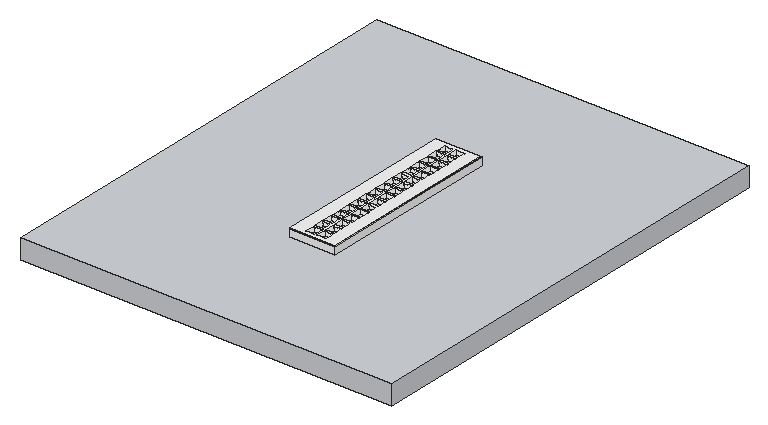
Revit family "Zumtobel MIREL-L A L1200", category Lighting Fixtures, host Face, Revit 2014
Parameters (values of type "MIREL-L A LED840 L1200 EVG TEC")
  Width = 300.00 mm  # constant formula
  Wattage = 25.1781 W
  built-in parameter 1150110 = 1 (stored number, unit not read)
  Voltage = 230 V
  URL = "http://www.zumtobel.com/42183096"
  Type Comments = "© Zumtobel. We reserve the right to make technical changes without prior notice."  # constant formula
  built-in parameter 1114217 = 1 (stored number, unit not read)
  Tilt Angle = 90.00°
  built-in parameter 1150109 = 1 (stored number, unit not read)
  built-in parameter 1150134 = 12
  built-in parameter 1150113 = 1 (stored number, unit not read)
  Photometric Web File = "42183096_(STD).IES"
  Model = "42183096"
  Manufacturer = "Zumtobel Lighting"  # constant formula
  built-in parameter 1150105 = 2592.6 (stored number, unit not read)
  Lumens = 3740 lm
  built-in parameter 1150115 = 1 (stored number, unit not read)
  built-in parameter 1150137 = (empty or 0)
  built-in parameter 1150139 = (empty or 0)
  Length = 1200.00 mm  # constant formula
  built-in parameter 1150112 = 1 (stored number, unit not read)
  built-in parameter 1150114 = 1 (stored number, unit not read)
  Lamp = "LED"
  built-in parameter 1150132 = 2
  built-in parameter 1150102 = (empty or 0)
  built-in parameter 1150107 = 4000 (stored number, unit not read)
  built-in parameter 1150138 = (empty or 0)
  built-in parameter 1150106 = 25.926 (stored number, unit not read)
  Height = 52.00 mm  # constant formula
  Emit from Rectangle Width = Length  # 1200.00 mm
  Emit from Rectangle Length = Width  # 300.00 mm
  Emit Shape Visible in Rendering = no
  built-in parameter 1150104 = 13.8 (stored number, unit not read)
  Dimming Lamp Color Temperature Shift = <None>
  Description = " Surface mount LED luminaire "  # constant formula
  Cover [instance] = Zumtobel_MIREL_Lamp_Self_llumination
  Color Filter = 16777215
  Body [instance] = Zumtobel_Metal_White
  built-in parameter 1114218 = 1 (stored number, unit not read)
  built-in parameter 1150133 = 10 (stored number, unit not read)
  Apparent Load = 28 VA
  Default Elevation = 0.00 mm
  Assembly Code = "D5020200"
Types (3, lengths in mm): name | Wattage | URL | built-in parameter 1150134 | Photometric Web File | Model | built-in parameter 1150105 | Lumens | built-in parameter 1150107 | built-in parameter 1150106 | Apparent Load
  MIREL-L A LED840 L1200 EVG | 25.8109 W | "http://www.zumtobel.com/42182128" | (empty or 0) | "42182128_(STD).IES" | "42182128" | 305.1 (stored number, unit not read) | 3834 lm | 3000 (stored number, unit not read) | 3.051 (stored number, unit not read) | 37.2 VA
  MIREL-L A LED840 L1200 LDO | 25.8782 W | "http://www.zumtobel.com/42925615" | (empty or 0) | "42925615_(STD).IES" | "42925615" | 2729.2 (stored number, unit not read) | 3844 lm | 3000 (stored number, unit not read) | 27.292 (stored number, unit not read) | 37.8 VA
  MIREL-L A LED840 L1200 EVG TEC | 25.1781 W | "http://www.zumtobel.com/42183096" | 12 | "42183096_(STD).IES" | "42183096" | 2592.6 (stored number, unit not read) | 3740 lm | 4000 (stored number, unit not read) | 25.926 (stored number, unit not read) | 28 VA
Reference planes
  plane 1 "Top": z = 0
  plane 2 "Center (Left/Right)": x = 0
  plane 3 "Center (Front/Back)": y = -11.001
  plane 4 "Back": y = 588.999
  plane 5 "Front": y = -611.001
  plane 6 "Left": x = -150
  plane 7 "Right": x = 150
  plane 8 "Back Cover": z = 0
  plane 9 "Top Body": z = 52
  plane 10: z = 49
  plane 11: z = 46
Forms (mm)
  Extrusion 1, solid
    sketch origin (0, 0, 0) x (1, 0, 0) y (0, 1, 0)
      loop
        line (-1219.2, 1439.2) -> (-1219.2, -1480.8) -> (1219.2, -1480.8) -> (1219.2, 1439.2) -> (-1219.2, 1439.2)
    from 0 to -127.877
  Extrusion 2, solid, material "Zumtobel_Metal_White" <- "Body", detail levels medium+fine
    sketch origin (0, 0, 0) x (1, 0, 0) y (0, 1, 0)
      loop
        line (-150, 588.999) -> (-150, -611.001) -> (150, -611.001) -> (150, 588.999) -> (-150, 588.999)
    from 0 to 46
  Extrusion 3, solid, material "Zumtobel_Metal_White" <- "Body", detail levels medium+fine
    sketch origin (0, 0, 0) x (1, 0, 0) y (0, 1, 0)
      loop
        line (-150, 588.999) -> (-150, -611.001) -> (150, -611.001) -> (150, 588.999) -> (-150, 588.999)
    from 49 to 52
  Blend 4, void
    base sketch origin (0, -862.4, 0) x (1, 0, 0) y (0, 1, 0)
      loop
        line (-65.95, 557.999) -> (-65.95, 497.999) -> (-5.95, 497.999) -> (-5.95, 557.999) -> (-65.95, 557.999)
    top sketch origin (0, -862.4, 0) x (1, 0, 0) y (0, 1, 0)
      loop
        line (-51.95, 543.999) -> (-51.95, 511.999) -> (-19.95, 511.999) -> (-19.95, 543.999) -> (-51.95, 543.999)
    from 52 to 34
  Blend 5, void
    base sketch origin (0, -934.267, 0) x (1, 0, 0) y (0, 1, 0)
      loop
        line (-65.95, 557.999) -> (-65.95, 497.999) -> (-5.95, 497.999) -> (-5.95, 557.999) -> (-65.95, 557.999)
    top sketch origin (0, -934.267, 0) x (1, 0, 0) y (0, 1, 0)
      loop
        line (-51.95, 543.999) -> (-51.95, 511.999) -> (-19.95, 511.999) -> (-19.95, 543.999) -> (-51.95, 543.999)
    from 52 to 34
  Blend 6, void
    base sketch origin (0, -1006.133, 0) x (1, 0, 0) y (0, 1, 0)
      loop
        line (-65.95, 557.999) -> (-65.95, 497.999) -> (-5.95, 497.999) -> (-5.95, 557.999) -> (-65.95, 557.999)
    top sketch origin (0, -1006.133, 0) x (1, 0, 0) y (0, 1, 0)
      loop
        line (-51.95, 543.999) -> (-51.95, 511.999) -> (-19.95, 511.999) -> (-19.95, 543.999) -> (-51.95, 543.999)
    from 52 to 34
  Blend 7, void
    base sketch origin (0, -1078, 0) x (1, 0, 0) y (0, 1, 0)
      loop
        line (-65.95, 557.999) -> (-65.95, 497.999) -> (-5.95, 497.999) -> (-5.95, 557.999) -> (-65.95, 557.999)
    top sketch origin (0, -1078, 0) x (1, 0, 0) y (0, 1, 0)
      loop
        line (-51.95, 543.999) -> (-51.95, 511.999) -> (-19.95, 511.999) -> (-19.95, 543.999) -> (-51.95, 543.999)
    from 52 to 34
  Extrusion 8, solid, material "Zumtobel_Metal_White" <- "Body", detail levels medium+fine
    sketch origin (0, 0, -15) x (1, 0, 0) y (0, 1, 0)
      loop
        line (-145, 583.999) -> (-145, -606.001) -> (145, -606.001) -> (145, 583.999) -> (-145, 583.999)
    from 61 to 64
  Blend 9, void
    base sketch origin (0, -862.4, 0) x (-1, 0, 0) y (0, -1, 0)
      loop
        line (-65.95, -557.999) -> (-5.95, -557.999) -> (-5.95, -497.999) -> (-65.95, -497.999) -> (-65.95, -557.999)
    top sketch origin (0, -862.4, 0) x (-1, 0, 0) y (0, -1, 0)
      loop
        line (-51.95, -543.999) -> (-19.95, -543.999) -> (-19.95, -511.999) -> (-51.95, -511.999) -> (-51.95, -543.999)
    from 52 to 34
  Blend 10, void
    base sketch origin (0, -934.267, 0) x (-1, 0, 0) y (0, -1, 0)
      loop
        line (-65.95, -557.999) -> (-5.95, -557.999) -> (-5.95, -497.999) -> (-65.95, -497.999) -> (-65.95, -557.999)
    top sketch origin (0, -934.267, 0) x (-1, 0, 0) y (0, -1, 0)
      loop
        line (-51.95, -543.999) -> (-19.95, -543.999) -> (-19.95, -511.999) -> (-51.95, -511.999) -> (-51.95, -543.999)
    from 52 to 34
  Blend 11, void
    base sketch origin (0, -1006.133, 0) x (-1, 0, 0) y (0, -1, 0)
      loop
        line (-65.95, -557.999) -> (-5.95, -557.999) -> (-5.95, -497.999) -> (-65.95, -497.999) -> (-65.95, -557.999)
    top sketch origin (0, -1006.133, 0) x (-1, 0, 0) y (0, -1, 0)
      loop
        line (-51.95, -543.999) -> (-19.95, -543.999) -> (-19.95, -511.999) -> (-51.95, -511.999) -> (-51.95, -543.999)
    from 52 to 34
  Blend 12, void
    base sketch origin (0, -1078, 0) x (-1, 0, 0) y (0, -1, 0)
      loop
        line (-65.95, -557.999) -> (-5.95, -557.999) -> (-5.95, -497.999) -> (-65.95, -497.999) -> (-65.95, -557.999)
    top sketch origin (0, -1078, 0) x (-1, 0, 0) y (0, -1, 0)
      loop
        line (-51.95, -543.999) -> (-19.95, -543.999) -> (-19.95, -511.999) -> (-51.95, -511.999) -> (-51.95, -543.999)
    from 52 to 34
  Blend 13, void
    base sketch origin (0, -646.8, 0) x (1, 0, 0) y (0, 1, 0)
      loop
        line (-65.95, 557.999) -> (-65.95, 497.999) -> (-5.95, 497.999) -> (-5.95, 557.999) -> (-65.95, 557.999)
    top sketch origin (0, -646.8, 0) x (1, 0, 0) y (0, 1, 0)
      loop
        line (-51.95, 543.999) -> (-51.95, 511.999) -> (-19.95, 511.999) -> (-19.95, 543.999) -> (-51.95, 543.999)
    from 52 to 34
  Blend 14, void
    base sketch origin (0, -718.667, 0) x (1, 0, 0) y (0, 1, 0)
      loop
        line (-65.95, 557.999) -> (-65.95, 497.999) -> (-5.95, 497.999) -> (-5.95, 557.999) -> (-65.95, 557.999)
    top sketch origin (0, -718.667, 0) x (1, 0, 0) y (0, 1, 0)
      loop
        line (-51.95, 543.999) -> (-51.95, 511.999) -> (-19.95, 511.999) -> (-19.95, 543.999) -> (-51.95, 543.999)
    from 52 to 34
  Blend 15, void
    base sketch origin (0, -790.533, 0) x (1, 0, 0) y (0, 1, 0)
      loop
        line (-65.95, 557.999) -> (-65.95, 497.999) -> (-5.95, 497.999) -> (-5.95, 557.999) -> (-65.95, 557.999)
    top sketch origin (0, -790.533, 0) x (1, 0, 0) y (0, 1, 0)
      loop
        line (-51.95, 543.999) -> (-51.95, 511.999) -> (-19.95, 511.999) -> (-19.95, 543.999) -> (-51.95, 543.999)
    from 52 to 34
  Blend 16, void
    base sketch origin (0, -646.8, 0) x (-1, 0, 0) y (0, -1, 0)
      loop
        line (-65.95, -557.999) -> (-5.95, -557.999) -> (-5.95, -497.999) -> (-65.95, -497.999) -> (-65.95, -557.999)
    top sketch origin (0, -646.8, 0) x (-1, 0, 0) y (0, -1, 0)
      loop
        line (-51.95, -543.999) -> (-19.95, -543.999) -> (-19.95, -511.999) -> (-51.95, -511.999) -> (-51.95, -543.999)
    from 52 to 34
  Blend 17, void
    base sketch origin (0, -718.667, 0) x (-1, 0, 0) y (0, -1, 0)
      loop
        line (-65.95, -557.999) -> (-5.95, -557.999) -> (-5.95, -497.999) -> (-65.95, -497.999) -> (-65.95, -557.999)
    top sketch origin (0, -718.667, 0) x (-1, 0, 0) y (0, -1, 0)
      loop
        line (-51.95, -543.999) -> (-19.95, -543.999) -> (-19.95, -511.999) -> (-51.95, -511.999) -> (-51.95, -543.999)
    from 52 to 34
  Blend 18, void
    base sketch origin (0, -790.533, 0) x (-1, 0, 0) y (0, -1, 0)
      loop
        line (-65.95, -557.999) -> (-5.95, -557.999) -> (-5.95, -497.999) -> (-65.95, -497.999) -> (-65.95, -557.999)
    top sketch origin (0, -790.533, 0) x (-1, 0, 0) y (0, -1, 0)
      loop
        line (-51.95, -543.999) -> (-19.95, -543.999) -> (-19.95, -511.999) -> (-51.95, -511.999) -> (-51.95, -543.999)
    from 52 to 34
  Blend 19, void
    base sketch origin (0, -431.2, 0) x (1, 0, 0) y (0, 1, 0)
      loop
        line (-65.95, 557.999) -> (-65.95, 497.999) -> (-5.95, 497.999) -> (-5.95, 557.999) -> (-65.95, 557.999)
    top sketch origin (0, -431.2, 0) x (1, 0, 0) y (0, 1, 0)
      loop
        line (-51.95, 543.999) -> (-51.95, 511.999) -> (-19.95, 511.999) -> (-19.95, 543.999) -> (-51.95, 543.999)
    from 52 to 34
  Blend 20, void
    base sketch origin (0, -503.067, 0) x (1, 0, 0) y (0, 1, 0)
      loop
        line (-65.95, 557.999) -> (-65.95, 497.999) -> (-5.95, 497.999) -> (-5.95, 557.999) -> (-65.95, 557.999)
    top sketch origin (0, -503.067, 0) x (1, 0, 0) y (0, 1, 0)
      loop
        line (-51.95, 543.999) -> (-51.95, 511.999) -> (-19.95, 511.999) -> (-19.95, 543.999) -> (-51.95, 543.999)
    from 52 to 34
  Blend 21, void
    base sketch origin (0, -574.933, 0) x (1, 0, 0) y (0, 1, 0)
      loop
        line (-65.95, 557.999) -> (-65.95, 497.999) -> (-5.95, 497.999) -> (-5.95, 557.999) -> (-65.95, 557.999)
    top sketch origin (0, -574.933, 0) x (1, 0, 0) y (0, 1, 0)
      loop
        line (-51.95, 543.999) -> (-51.95, 511.999) -> (-19.95, 511.999) -> (-19.95, 543.999) -> (-51.95, 543.999)
    from 52 to 34
  Blend 22, void
    base sketch origin (0, -431.2, 0) x (-1, 0, 0) y (0, -1, 0)
      loop
        line (-65.95, -557.999) -> (-5.95, -557.999) -> (-5.95, -497.999) -> (-65.95, -497.999) -> (-65.95, -557.999)
    top sketch origin (0, -431.2, 0) x (-1, 0, 0) y (0, -1, 0)
      loop
        line (-51.95, -543.999) -> (-19.95, -543.999) -> (-19.95, -511.999) -> (-51.95, -511.999) -> (-51.95, -543.999)
    from 52 to 34
  Blend 23, void
    base sketch origin (0, -503.067, 0) x (-1, 0, 0) y (0, -1, 0)
      loop
        line (-65.95, -557.999) -> (-5.95, -557.999) -> (-5.95, -497.999) -> (-65.95, -497.999) -> (-65.95, -557.999)
    top sketch origin (0, -503.067, 0) x (-1, 0, 0) y (0, -1, 0)
      loop
        line (-51.95, -543.999) -> (-19.95, -543.999) -> (-19.95, -511.999) -> (-51.95, -511.999) -> (-51.95, -543.999)
    from 52 to 34
  Blend 24, void
    base sketch origin (0, -574.933, 0) x (-1, 0, 0) y (0, -1, 0)
      loop
        line (-65.95, -557.999) -> (-5.95, -557.999) -> (-5.95, -497.999) -> (-65.95, -497.999) -> (-65.95, -557.999)
    top sketch origin (0, -574.933, 0) x (-1, 0, 0) y (0, -1, 0)
      loop
        line (-51.95, -543.999) -> (-19.95, -543.999) -> (-19.95, -511.999) -> (-51.95, -511.999) -> (-51.95, -543.999)
    from 52 to 34
  Blend 25, void
    base sketch origin (0, -215.6, 0) x (1, 0, 0) y (0, 1, 0)
      loop
        line (-65.95, 557.999) -> (-65.95, 497.999) -> (-5.95, 497.999) -> (-5.95, 557.999) -> (-65.95, 557.999)
    top sketch origin (0, -215.6, 0) x (1, 0, 0) y (0, 1, 0)
      loop
        line (-51.95, 543.999) -> (-51.95, 511.999) -> (-19.95, 511.999) -> (-19.95, 543.999) -> (-51.95, 543.999)
    from 52 to 34
  Blend 26, void
    base sketch origin (0, -287.467, 0) x (1, 0, 0) y (0, 1, 0)
      loop
        line (-65.95, 557.999) -> (-65.95, 497.999) -> (-5.95, 497.999) -> (-5.95, 557.999) -> (-65.95, 557.999)
    top sketch origin (0, -287.467, 0) x (1, 0, 0) y (0, 1, 0)
      loop
        line (-51.95, 543.999) -> (-51.95, 511.999) -> (-19.95, 511.999) -> (-19.95, 543.999) -> (-51.95, 543.999)
    from 52 to 34
  Blend 27, void
    base sketch origin (0, -359.333, 0) x (1, 0, 0) y (0, 1, 0)
      loop
        line (-65.95, 557.999) -> (-65.95, 497.999) -> (-5.95, 497.999) -> (-5.95, 557.999) -> (-65.95, 557.999)
    top sketch origin (0, -359.333, 0) x (1, 0, 0) y (0, 1, 0)
      loop
        line (-51.95, 543.999) -> (-51.95, 511.999) -> (-19.95, 511.999) -> (-19.95, 543.999) -> (-51.95, 543.999)
    from 52 to 34
  Blend 28, void
    base sketch origin (0, -215.6, 0) x (-1, 0, 0) y (0, -1, 0)
      loop
        line (-65.95, -557.999) -> (-5.95, -557.999) -> (-5.95, -497.999) -> (-65.95, -497.999) -> (-65.95, -557.999)
    top sketch origin (0, -215.6, 0) x (-1, 0, 0) y (0, -1, 0)
      loop
        line (-51.95, -543.999) -> (-19.95, -543.999) -> (-19.95, -511.999) -> (-51.95, -511.999) -> (-51.95, -543.999)
    from 52 to 34
  Blend 29, void
    base sketch origin (0, -287.467, 0) x (-1, 0, 0) y (0, -1, 0)
      loop
        line (-65.95, -557.999) -> (-5.95, -557.999) -> (-5.95, -497.999) -> (-65.95, -497.999) -> (-65.95, -557.999)
    top sketch origin (0, -287.467, 0) x (-1, 0, 0) y (0, -1, 0)
      loop
        line (-51.95, -543.999) -> (-19.95, -543.999) -> (-19.95, -511.999) -> (-51.95, -511.999) -> (-51.95, -543.999)
    from 52 to 34
  Blend 30, void
    base sketch origin (0, -359.333, 0) x (-1, 0, 0) y (0, -1, 0)
      loop
        line (-65.95, -557.999) -> (-5.95, -557.999) -> (-5.95, -497.999) -> (-65.95, -497.999) -> (-65.95, -557.999)
    top sketch origin (0, -359.333, 0) x (-1, 0, 0) y (0, -1, 0)
      loop
        line (-51.95, -543.999) -> (-19.95, -543.999) -> (-19.95, -511.999) -> (-51.95, -511.999) -> (-51.95, -543.999)
    from 52 to 34
  Blend 31, void
    base sketch origin (0, 0, 0) x (1, 0, 0) y (0, 1, 0)
      loop
        line (-65.95, 557.999) -> (-65.95, 497.999) -> (-5.95, 497.999) -> (-5.95, 557.999) -> (-65.95, 557.999)
    top sketch origin (0, 0, 0) x (1, 0, 0) y (0, 1, 0)
      loop
        line (-51.95, 543.999) -> (-51.95, 511.999) -> (-19.95, 511.999) -> (-19.95, 543.999) -> (-51.95, 543.999)
    from 52 to 34
  Blend 32, void
    base sketch origin (0, -71.867, 0) x (1, 0, 0) y (0, 1, 0)
      loop
        line (-65.95, 557.999) -> (-65.95, 497.999) -> (-5.95, 497.999) -> (-5.95, 557.999) -> (-65.95, 557.999)
    top sketch origin (0, -71.867, 0) x (1, 0, 0) y (0, 1, 0)
      loop
        line (-51.95, 543.999) -> (-51.95, 511.999) -> (-19.95, 511.999) -> (-19.95, 543.999) -> (-51.95, 543.999)
    from 52 to 34
  Blend 33, void
    base sketch origin (0, -143.733, 0) x (1, 0, 0) y (0, 1, 0)
      loop
        line (-65.95, 557.999) -> (-65.95, 497.999) -> (-5.95, 497.999) -> (-5.95, 557.999) -> (-65.95, 557.999)
    top sketch origin (0, -143.733, 0) x (1, 0, 0) y (0, 1, 0)
      loop
        line (-51.95, 543.999) -> (-51.95, 511.999) -> (-19.95, 511.999) -> (-19.95, 543.999) -> (-51.95, 543.999)
    from 52 to 34
  Blend 34, void
    base sketch origin (0, 0, 0) x (-1, 0, 0) y (0, -1, 0)
      loop
        line (-65.95, -557.999) -> (-5.95, -557.999) -> (-5.95, -497.999) -> (-65.95, -497.999) -> (-65.95, -557.999)
    top sketch origin (0, 0, 0) x (-1, 0, 0) y (0, -1, 0)
      loop
        line (-51.95, -543.999) -> (-19.95, -543.999) -> (-19.95, -511.999) -> (-51.95, -511.999) -> (-51.95, -543.999)
    from 52 to 34
  Blend 35, void
    base sketch origin (0, -71.867, 0) x (-1, 0, 0) y (0, -1, 0)
      loop
        line (-65.95, -557.999) -> (-5.95, -557.999) -> (-5.95, -497.999) -> (-65.95, -497.999) -> (-65.95, -557.999)
    top sketch origin (0, -71.867, 0) x (-1, 0, 0) y (0, -1, 0)
      loop
        line (-51.95, -543.999) -> (-19.95, -543.999) -> (-19.95, -511.999) -> (-51.95, -511.999) -> (-51.95, -543.999)
    from 52 to 34
  Blend 36, void
    base sketch origin (0, -143.733, 0) x (-1, 0, 0) y (0, -1, 0)
      loop
        line (-65.95, -557.999) -> (-5.95, -557.999) -> (-5.95, -497.999) -> (-65.95, -497.999) -> (-65.95, -557.999)
    top sketch origin (0, -143.733, 0) x (-1, 0, 0) y (0, -1, 0)
      loop
        line (-51.95, -543.999) -> (-19.95, -543.999) -> (-19.95, -511.999) -> (-51.95, -511.999) -> (-51.95, -543.999)
    from 52 to 34
Cuts and joins
  Blend 4, Blend 5, Blend 6, Blend 7, Blend 9, Blend 10, Blend 11, Blend 12, Blend 13, Blend 14, Blend 15, Blend 16, Blend 17, Blend 18, Blend 19, Blend 20, Blend 21, Blend 22, Blend 23, Blend 24, Blend 25, Blend 26, Blend 27, Blend 28, Blend 29, Blend 30, Blend 31, Blend 32, Blend 33, Blend 34, Blend 35, Blend 36 cuts Extrusion 2
  Blend 4, Blend 5, Blend 6, Blend 7, Blend 9, Blend 10, Blend 11, Blend 12, Blend 13, Blend 14, Blend 15, Blend 16, Blend 17, Blend 18, Blend 19, Blend 20, Blend 21, Blend 22, Blend 23, Blend 24, Blend 25, Blend 26, Blend 27, Blend 28, Blend 29, Blend 30, Blend 31, Blend 32, Blend 33, Blend 34, Blend 35, Blend 36 cuts Extrusion 3
  Blend 4, Blend 5, Blend 6, Blend 7, Blend 9, Blend 10, Blend 11, Blend 12, Blend 13, Blend 14, Blend 15, Blend 16, Blend 17, Blend 18, Blend 19, Blend 20, Blend 21, Blend 22, Blend 23, Blend 24, Blend 25, Blend 26, Blend 27, Blend 28, Blend 29, Blend 30, Blend 31, Blend 32, Blend 33, Blend 34, Blend 35, Blend 36 cuts Extrusion 8
  joined: Extrusion 2, Extrusion 3, Extrusion 8
Lines and regions (mm)
  symbolic lines, style "Zumtobel Lighting", detail levels coarse
    curve 1: line (-150, 588.999, 0) -> (150, 588.999, 0)
    curve 2: line (-150, -611.001, 0) -> (-150, 588.999, 0)
    curve 3: line (150, -611.001, 0) -> (-150, -611.001, 0)
    curve 4: line (150, 588.999, 0) -> (150, -611.001, 0)
Dimensions and locks
  equal spacing: plane 4 "Back", plane 3 "Center (Front/Back)", plane 5 "Front"
  "Length": plane 4 "Back" to plane 5 "Front"
  equal spacing: plane 6 "Left", plane 2 "Center (Left/Right)", plane 7 "Right"
  "Width": plane 6 "Left" to plane 7 "Right"
  plane 9 "Top Body" to plane 10 to plane 11 to plane 1 "Top" = 3.00 mm locked, 3.00 mm locked, 46.00 mm locked
  aligned and locked: plane 1 "Top" to Extrusion 1
  aligned and locked: level to Extrusion 1
  aligned: imposter light to plane 2 "Center (Left/Right)"
  aligned: imposter light to plane 3 "Center (Front/Back)"
  aligned and locked: imposter light to plane 9 "Top Body"
  aligned and locked: imposter light to plane 2 "Center (Left/Right)"
  aligned: plane 1 "Top" to Extrusion 2
  aligned and locked: curve 1 to cut or joined group 1 (Extrusion 2, Extrusion 3, Blend 4, Blend 5, Blend 6, Blend 7, Extrusion 8, Blend 9, Blend 10, Blend 11, Blend 12, Blend 13, Blend 14, Blend 15, Blend 16, Blend 17, Blend 18, Blend 19, Blend 20, Blend 21, Blend 22, Blend 23, Blend 24, Blend 25, Blend 26, Blend 27, Blend 28, Blend 29, Blend 30, Blend 31, Blend 32, Blend 33, Blend 34, Blend 35, Blend 36)
  aligned and locked: curve 2 to cut or joined group 1
  aligned and locked: curve 3 to cut or joined group 1
  aligned and locked: curve 4 to cut or joined group 1
  aligned and locked: Extrusion 3 to imposter light
  aligned and locked: Extrusion 3 to plane 10
  aligned and locked: Extrusion 8 to cut or joined group 1
  aligned and locked: Extrusion 8 to plane 11
  aligned and locked: plane 11 to Extrusion 2
  aligned and locked: Extrusion 2 to plane 1 "Top"
  aligned and locked: Extrusion 2 sketch curve to plane 4 "Back"
  aligned and locked: Extrusion 2 sketch curve to plane 7 "Right"
  aligned and locked: Extrusion 2 sketch curve to plane 6 "Left"
  aligned and locked: Extrusion 2 sketch curve to plane 5 "Front"
Automatic sketch dimensions
  Extrusion 1 sketch curve to Extrusion 1 sketch curve = 2438.40 mm
  Extrusion 1 sketch curve to Extrusion 1 sketch curve = 2920.00 mm
  plane 5 "Front" to Extrusion 3 sketch curve = 0.00 mm
  Extrusion 3 sketch curve to plane 6 "Left" = 0.00 mm
  Extrusion 3 sketch curve to plane 7 "Right" = 0.00 mm
  Extrusion 3 sketch curve to plane 4 "Back" = 0.00 mm
  Blend 4 sketch curve to plane 2 "Center (Left/Right)" = 65.95 mm
  Blend 4 sketch curve to plane 2 "Center (Left/Right)" = 5.95 mm
  Blend 4 sketch curve to Blend 4 sketch curve = 60.00 mm
  Blend 4 sketch curve to plane 2 "Center (Left/Right)" = 51.95 mm
  Blend 4 sketch curve to plane 2 "Center (Left/Right)" = 19.95 mm
  Blend 4 sketch curve to Blend 4 sketch curve = 32.00 mm
  Blend 5 sketch curve to plane 2 "Center (Left/Right)" = 65.95 mm
  Blend 5 sketch curve to plane 2 "Center (Left/Right)" = 5.95 mm
  Blend 5 sketch curve to Blend 5 sketch curve = 60.00 mm
  Blend 5 sketch curve to plane 2 "Center (Left/Right)" = 51.95 mm
  Blend 5 sketch curve to plane 2 "Center (Left/Right)" = 19.95 mm
  Blend 5 sketch curve to Blend 5 sketch curve = 32.00 mm
  Blend 6 sketch curve to plane 2 "Center (Left/Right)" = 65.95 mm
  Blend 6 sketch curve to plane 2 "Center (Left/Right)" = 5.95 mm
  Blend 6 sketch curve to Blend 6 sketch curve = 60.00 mm
  Blend 6 sketch curve to plane 2 "Center (Left/Right)" = 51.95 mm
  Blend 6 sketch curve to plane 2 "Center (Left/Right)" = 19.95 mm
  Blend 6 sketch curve to Blend 6 sketch curve = 32.00 mm
  Blend 7 sketch curve to plane 2 "Center (Left/Right)" = 65.95 mm
  Blend 7 sketch curve to plane 2 "Center (Left/Right)" = 5.95 mm
  Blend 7 sketch curve to Blend 7 sketch curve = 60.00 mm
  Blend 7 sketch curve to plane 2 "Center (Left/Right)" = 51.95 mm
  Blend 7 sketch curve to plane 2 "Center (Left/Right)" = 19.95 mm
  Blend 7 sketch curve to Blend 7 sketch curve = 32.00 mm
  Extrusion 8 sketch curve to plane 6 "Left" = 5.00 mm
  Extrusion 8 sketch curve to plane 7 "Right" = 5.00 mm
  Extrusion 8 sketch curve to plane 5 "Front" = 5.00 mm
  Extrusion 8 sketch curve to plane 4 "Back" = 5.00 mm
  Blend 9 sketch curve to plane 2 "Center (Left/Right)" = 65.95 mm
  Blend 9 sketch curve to plane 2 "Center (Left/Right)" = 5.95 mm
  Blend 9 sketch curve to Blend 9 sketch curve = 60.00 mm
  Blend 9 sketch curve to plane 2 "Center (Left/Right)" = 51.95 mm
  Blend 9 sketch curve to plane 2 "Center (Left/Right)" = 19.95 mm
  Blend 9 sketch curve to Blend 9 sketch curve = 32.00 mm
  Blend 10 sketch curve to plane 2 "Center (Left/Right)" = 65.95 mm
  Blend 10 sketch curve to plane 2 "Center (Left/Right)" = 5.95 mm
  Blend 10 sketch curve to Blend 10 sketch curve = 60.00 mm
  Blend 10 sketch curve to plane 2 "Center (Left/Right)" = 51.95 mm
  Blend 10 sketch curve to plane 2 "Center (Left/Right)" = 19.95 mm
  Blend 10 sketch curve to Blend 10 sketch curve = 32.00 mm
  Blend 11 sketch curve to plane 2 "Center (Left/Right)" = 65.95 mm
  Blend 11 sketch curve to plane 2 "Center (Left/Right)" = 5.95 mm
  Blend 11 sketch curve to Blend 11 sketch curve = 60.00 mm
  Blend 11 sketch curve to plane 2 "Center (Left/Right)" = 51.95 mm
  Blend 11 sketch curve to plane 2 "Center (Left/Right)" = 19.95 mm
  Blend 11 sketch curve to Blend 11 sketch curve = 32.00 mm
  Blend 12 sketch curve to plane 2 "Center (Left/Right)" = 65.95 mm
  Blend 12 sketch curve to plane 2 "Center (Left/Right)" = 5.95 mm
  Blend 12 sketch curve to Blend 12 sketch curve = 60.00 mm
  Blend 12 sketch curve to plane 2 "Center (Left/Right)" = 51.95 mm
  Blend 12 sketch curve to plane 2 "Center (Left/Right)" = 19.95 mm
  Blend 12 sketch curve to Blend 12 sketch curve = 32.00 mm
  Blend 13 sketch curve to plane 2 "Center (Left/Right)" = 65.95 mm
  Blend 13 sketch curve to plane 2 "Center (Left/Right)" = 5.95 mm
  Blend 13 sketch curve to plane 3 "Center (Front/Back)" = 137.80 mm
  Blend 13 sketch curve to Blend 13 sketch curve = 60.00 mm
  Blend 13 sketch curve to plane 2 "Center (Left/Right)" = 51.95 mm
  Blend 13 sketch curve to plane 2 "Center (Left/Right)" = 19.95 mm
  Blend 13 sketch curve to plane 3 "Center (Front/Back)" = 123.80 mm
  Blend 13 sketch curve to Blend 13 sketch curve = 32.00 mm
  Blend 14 sketch curve to plane 2 "Center (Left/Right)" = 65.95 mm
  Blend 14 sketch curve to plane 2 "Center (Left/Right)" = 5.95 mm
  Blend 14 sketch curve to plane 3 "Center (Front/Back)" = 209.667 mm
  Blend 14 sketch curve to Blend 14 sketch curve = 60.00 mm
  Blend 14 sketch curve to plane 2 "Center (Left/Right)" = 51.95 mm
  Blend 14 sketch curve to plane 2 "Center (Left/Right)" = 19.95 mm
  Blend 14 sketch curve to plane 3 "Center (Front/Back)" = 195.667 mm
  Blend 14 sketch curve to Blend 14 sketch curve = 32.00 mm
  Blend 15 sketch curve to plane 2 "Center (Left/Right)" = 65.95 mm
  Blend 15 sketch curve to plane 2 "Center (Left/Right)" = 5.95 mm
  Blend 15 sketch curve to plane 3 "Center (Front/Back)" = 281.533 mm
  Blend 15 sketch curve to Blend 15 sketch curve = 60.00 mm
  Blend 15 sketch curve to plane 2 "Center (Left/Right)" = 51.95 mm
  Blend 15 sketch curve to plane 2 "Center (Left/Right)" = 19.95 mm
  Blend 15 sketch curve to plane 3 "Center (Front/Back)" = 267.533 mm
  Blend 15 sketch curve to Blend 15 sketch curve = 32.00 mm
  Blend 16 sketch curve to plane 2 "Center (Left/Right)" = 65.95 mm
  Blend 16 sketch curve to plane 2 "Center (Left/Right)" = 5.95 mm
  plane 3 "Center (Front/Back)" to Blend 16 sketch curve = 137.80 mm
  Blend 16 sketch curve to Blend 16 sketch curve = 60.00 mm
  Blend 16 sketch curve to plane 2 "Center (Left/Right)" = 51.95 mm
  Blend 16 sketch curve to plane 2 "Center (Left/Right)" = 19.95 mm
  plane 3 "Center (Front/Back)" to Blend 16 sketch curve = 123.80 mm
  Blend 16 sketch curve to Blend 16 sketch curve = 32.00 mm
  Blend 17 sketch curve to plane 2 "Center (Left/Right)" = 65.95 mm
  Blend 17 sketch curve to plane 2 "Center (Left/Right)" = 5.95 mm
  plane 3 "Center (Front/Back)" to Blend 17 sketch curve = 209.667 mm
  Blend 17 sketch curve to Blend 17 sketch curve = 60.00 mm
  Blend 17 sketch curve to plane 2 "Center (Left/Right)" = 51.95 mm
  Blend 17 sketch curve to plane 2 "Center (Left/Right)" = 19.95 mm
  plane 3 "Center (Front/Back)" to Blend 17 sketch curve = 195.667 mm
  Blend 17 sketch curve to Blend 17 sketch curve = 32.00 mm
  Blend 18 sketch curve to plane 2 "Center (Left/Right)" = 65.95 mm
  Blend 18 sketch curve to plane 2 "Center (Left/Right)" = 5.95 mm
  plane 3 "Center (Front/Back)" to Blend 18 sketch curve = 281.533 mm
  Blend 18 sketch curve to Blend 18 sketch curve = 60.00 mm
  Blend 18 sketch curve to plane 2 "Center (Left/Right)" = 51.95 mm
  Blend 18 sketch curve to plane 2 "Center (Left/Right)" = 19.95 mm
  plane 3 "Center (Front/Back)" to Blend 18 sketch curve = 267.533 mm
  Blend 18 sketch curve to Blend 18 sketch curve = 32.00 mm
  Blend 19 sketch curve to plane 2 "Center (Left/Right)" = 65.95 mm
  Blend 19 sketch curve to plane 2 "Center (Left/Right)" = 5.95 mm
  plane 3 "Center (Front/Back)" to Blend 19 sketch curve = 77.80 mm
  Blend 19 sketch curve to Blend 19 sketch curve = 60.00 mm
  Blend 19 sketch curve to plane 2 "Center (Left/Right)" = 51.95 mm
  Blend 19 sketch curve to plane 2 "Center (Left/Right)" = 19.95 mm
  plane 3 "Center (Front/Back)" to Blend 19 sketch curve = 91.80 mm
  Blend 19 sketch curve to Blend 19 sketch curve = 32.00 mm
  plane 3 "Center (Front/Back)" to Blend 20 sketch curve = 5.933 mm
  Blend 20 sketch curve to plane 2 "Center (Left/Right)" = 65.95 mm
  Blend 20 sketch curve to plane 2 "Center (Left/Right)" = 5.95 mm
  Blend 20 sketch curve to Blend 20 sketch curve = 60.00 mm
  plane 3 "Center (Front/Back)" to Blend 20 sketch curve = 19.933 mm
  Blend 20 sketch curve to plane 2 "Center (Left/Right)" = 51.95 mm
  Blend 20 sketch curve to plane 2 "Center (Left/Right)" = 19.95 mm
  Blend 20 sketch curve to Blend 20 sketch curve = 32.00 mm
  Blend 21 sketch curve to plane 2 "Center (Left/Right)" = 65.95 mm
  Blend 21 sketch curve to plane 2 "Center (Left/Right)" = 5.95 mm
  Blend 21 sketch curve to plane 3 "Center (Front/Back)" = 65.933 mm
  Blend 21 sketch curve to plane 3 "Center (Front/Back)" = 5.933 mm
  Blend 21 sketch curve to plane 2 "Center (Left/Right)" = 51.95 mm
  Blend 21 sketch curve to plane 2 "Center (Left/Right)" = 19.95 mm
  Blend 21 sketch curve to plane 3 "Center (Front/Back)" = 51.933 mm
  Blend 21 sketch curve to plane 3 "Center (Front/Back)" = 19.933 mm
  Blend 22 sketch curve to plane 2 "Center (Left/Right)" = 65.95 mm
  Blend 22 sketch curve to plane 2 "Center (Left/Right)" = 5.95 mm
  Blend 22 sketch curve to plane 3 "Center (Front/Back)" = 77.80 mm
  Blend 22 sketch curve to Blend 22 sketch curve = 60.00 mm
  Blend 22 sketch curve to plane 2 "Center (Left/Right)" = 51.95 mm
  Blend 22 sketch curve to plane 2 "Center (Left/Right)" = 19.95 mm
  Blend 22 sketch curve to plane 3 "Center (Front/Back)" = 91.80 mm
  Blend 22 sketch curve to Blend 22 sketch curve = 32.00 mm
  Blend 23 sketch curve to plane 3 "Center (Front/Back)" = 5.933 mm
  Blend 23 sketch curve to plane 2 "Center (Left/Right)" = 65.95 mm
  Blend 23 sketch curve to plane 2 "Center (Left/Right)" = 5.95 mm
  Blend 23 sketch curve to Blend 23 sketch curve = 60.00 mm
  Blend 23 sketch curve to plane 3 "Center (Front/Back)" = 19.933 mm
  Blend 23 sketch curve to plane 2 "Center (Left/Right)" = 51.95 mm
  Blend 23 sketch curve to plane 2 "Center (Left/Right)" = 19.95 mm
  Blend 23 sketch curve to Blend 23 sketch curve = 32.00 mm
  Blend 24 sketch curve to plane 2 "Center (Left/Right)" = 65.95 mm
  Blend 24 sketch curve to plane 2 "Center (Left/Right)" = 5.95 mm
  plane 3 "Center (Front/Back)" to Blend 24 sketch curve = 65.933 mm
  plane 3 "Center (Front/Back)" to Blend 24 sketch curve = 5.933 mm
  Blend 24 sketch curve to plane 2 "Center (Left/Right)" = 51.95 mm
  Blend 24 sketch curve to plane 2 "Center (Left/Right)" = 19.95 mm
  plane 3 "Center (Front/Back)" to Blend 24 sketch curve = 51.933 mm
  plane 3 "Center (Front/Back)" to Blend 24 sketch curve = 19.933 mm
  Blend 25 sketch curve to plane 2 "Center (Left/Right)" = 65.95 mm
  Blend 25 sketch curve to plane 2 "Center (Left/Right)" = 5.95 mm
  plane 3 "Center (Front/Back)" to Blend 25 sketch curve = 293.40 mm
  Blend 25 sketch curve to Blend 25 sketch curve = 60.00 mm
  Blend 25 sketch curve to plane 2 "Center (Left/Right)" = 51.95 mm
  Blend 25 sketch curve to plane 2 "Center (Left/Right)" = 19.95 mm
  Blend 25 sketch curve to plane 4 "Back" = 292.60 mm
  Blend 25 sketch curve to Blend 25 sketch curve = 32.00 mm
  Blend 26 sketch curve to plane 2 "Center (Left/Right)" = 65.95 mm
  Blend 26 sketch curve to plane 2 "Center (Left/Right)" = 5.95 mm
  plane 3 "Center (Front/Back)" to Blend 26 sketch curve = 221.533 mm
  Blend 26 sketch curve to Blend 26 sketch curve = 60.00 mm
  Blend 26 sketch curve to plane 2 "Center (Left/Right)" = 51.95 mm
  Blend 26 sketch curve to plane 2 "Center (Left/Right)" = 19.95 mm
  plane 3 "Center (Front/Back)" to Blend 26 sketch curve = 235.533 mm
  Blend 26 sketch curve to Blend 26 sketch curve = 32.00 mm
  Blend 27 sketch curve to plane 2 "Center (Left/Right)" = 65.95 mm
  Blend 27 sketch curve to plane 2 "Center (Left/Right)" = 5.95 mm
  plane 3 "Center (Front/Back)" to Blend 27 sketch curve = 149.667 mm
  Blend 27 sketch curve to Blend 27 sketch curve = 60.00 mm
  Blend 27 sketch curve to plane 2 "Center (Left/Right)" = 51.95 mm
  Blend 27 sketch curve to plane 2 "Center (Left/Right)" = 19.95 mm
  plane 3 "Center (Front/Back)" to Blend 27 sketch curve = 163.667 mm
  Blend 27 sketch curve to Blend 27 sketch curve = 32.00 mm
  Blend 28 sketch curve to plane 2 "Center (Left/Right)" = 65.95 mm
  Blend 28 sketch curve to plane 2 "Center (Left/Right)" = 5.95 mm
  Blend 28 sketch curve to plane 3 "Center (Front/Back)" = 293.40 mm
  Blend 28 sketch curve to Blend 28 sketch curve = 60.00 mm
  Blend 28 sketch curve to plane 2 "Center (Left/Right)" = 51.95 mm
  Blend 28 sketch curve to plane 2 "Center (Left/Right)" = 19.95 mm
  plane 4 "Back" to Blend 28 sketch curve = 292.60 mm
  Blend 28 sketch curve to Blend 28 sketch curve = 32.00 mm
  Blend 29 sketch curve to plane 2 "Center (Left/Right)" = 65.95 mm
  Blend 29 sketch curve to plane 2 "Center (Left/Right)" = 5.95 mm
  Blend 29 sketch curve to plane 3 "Center (Front/Back)" = 221.533 mm
  Blend 29 sketch curve to Blend 29 sketch curve = 60.00 mm
  Blend 29 sketch curve to plane 2 "Center (Left/Right)" = 51.95 mm
  Blend 29 sketch curve to plane 2 "Center (Left/Right)" = 19.95 mm
  Blend 29 sketch curve to plane 3 "Center (Front/Back)" = 235.533 mm
  Blend 29 sketch curve to Blend 29 sketch curve = 32.00 mm
  Blend 30 sketch curve to plane 2 "Center (Left/Right)" = 65.95 mm
  Blend 30 sketch curve to plane 2 "Center (Left/Right)" = 5.95 mm
  Blend 30 sketch curve to plane 3 "Center (Front/Back)" = 149.667 mm
  Blend 30 sketch curve to Blend 30 sketch curve = 60.00 mm
  Blend 30 sketch curve to plane 2 "Center (Left/Right)" = 51.95 mm
  Blend 30 sketch curve to plane 2 "Center (Left/Right)" = 19.95 mm
  Blend 30 sketch curve to plane 3 "Center (Front/Back)" = 163.667 mm
  Blend 30 sketch curve to Blend 30 sketch curve = 32.00 mm
  Blend 31 sketch curve to plane 2 "Center (Left/Right)" = 65.95 mm
  Blend 31 sketch curve to plane 2 "Center (Left/Right)" = 5.95 mm
  Blend 31 sketch curve to plane 4 "Back" = 91.00 mm
  Blend 31 sketch curve to plane 4 "Back" = 31.00 mm
  Blend 31 sketch curve to plane 2 "Center (Left/Right)" = 51.95 mm
  Blend 31 sketch curve to plane 2 "Center (Left/Right)" = 19.95 mm
  Blend 31 sketch curve to plane 4 "Back" = 77.00 mm
  Blend 31 sketch curve to Blend 31 sketch curve = 32.00 mm
  Blend 32 sketch curve to plane 2 "Center (Left/Right)" = 65.95 mm
  Blend 32 sketch curve to plane 2 "Center (Left/Right)" = 5.95 mm
  Blend 32 sketch curve to plane 4 "Back" = 162.867 mm
  Blend 32 sketch curve to Blend 32 sketch curve = 60.00 mm
  Blend 32 sketch curve to plane 2 "Center (Left/Right)" = 51.95 mm
  Blend 32 sketch curve to plane 2 "Center (Left/Right)" = 19.95 mm
  Blend 32 sketch curve to plane 4 "Back" = 148.867 mm
  Blend 32 sketch curve to Blend 32 sketch curve = 32.00 mm
  Blend 33 sketch curve to plane 2 "Center (Left/Right)" = 65.95 mm
  Blend 33 sketch curve to plane 2 "Center (Left/Right)" = 5.95 mm
  Blend 33 sketch curve to plane 4 "Back" = 234.733 mm
  Blend 33 sketch curve to Blend 33 sketch curve = 60.00 mm
  Blend 33 sketch curve to plane 2 "Center (Left/Right)" = 51.95 mm
  Blend 33 sketch curve to plane 2 "Center (Left/Right)" = 19.95 mm
  Blend 33 sketch curve to plane 4 "Back" = 220.733 mm
  Blend 33 sketch curve to Blend 33 sketch curve = 32.00 mm
  Blend 34 sketch curve to plane 2 "Center (Left/Right)" = 65.95 mm
  Blend 34 sketch curve to plane 2 "Center (Left/Right)" = 5.95 mm
  plane 4 "Back" to Blend 34 sketch curve = 91.00 mm
  plane 4 "Back" to Blend 34 sketch curve = 31.00 mm
  Blend 34 sketch curve to plane 2 "Center (Left/Right)" = 51.95 mm
  Blend 34 sketch curve to plane 2 "Center (Left/Right)" = 19.95 mm
  plane 4 "Back" to Blend 34 sketch curve = 77.00 mm
  Blend 34 sketch curve to Blend 34 sketch curve = 32.00 mm
  Blend 35 sketch curve to plane 2 "Center (Left/Right)" = 65.95 mm
  Blend 35 sketch curve to plane 2 "Center (Left/Right)" = 5.95 mm
  plane 4 "Back" to Blend 35 sketch curve = 162.867 mm
  Blend 35 sketch curve to Blend 35 sketch curve = 60.00 mm
  Blend 35 sketch curve to plane 2 "Center (Left/Right)" = 51.95 mm
  Blend 35 sketch curve to plane 2 "Center (Left/Right)" = 19.95 mm
  plane 4 "Back" to Blend 35 sketch curve = 148.867 mm
  Blend 35 sketch curve to Blend 35 sketch curve = 32.00 mm
  Blend 36 sketch curve to plane 2 "Center (Left/Right)" = 65.95 mm
  Blend 36 sketch curve to plane 2 "Center (Left/Right)" = 5.95 mm
  plane 4 "Back" to Blend 36 sketch curve = 234.733 mm
  Blend 36 sketch curve to Blend 36 sketch curve = 60.00 mm
  Blend 36 sketch curve to plane 2 "Center (Left/Right)" = 51.95 mm
  Blend 36 sketch curve to plane 2 "Center (Left/Right)" = 19.95 mm
  plane 4 "Back" to Blend 36 sketch curve = 220.733 mm
  Blend 36 sketch curve to Blend 36 sketch curve = 32.00 mm
  Blend 4 sketch curve to plane 5 "Front" = 246.60 mm
  Blend 4 sketch curve to plane 5 "Front" = 260.60 mm
  Blend 5 sketch curve to plane 5 "Front" = 174.733 mm
  Blend 5 sketch curve to plane 5 "Front" = 188.733 mm
  Blend 6 sketch curve to plane 5 "Front" = 102.867 mm
  Blend 6 sketch curve to plane 5 "Front" = 116.867 mm
  Blend 7 sketch curve to plane 5 "Front" = 31.00 mm
  Blend 7 sketch curve to plane 5 "Front" = 45.00 mm
  plane 5 "Front" to Blend 9 sketch curve = 246.60 mm
  plane 5 "Front" to Blend 9 sketch curve = 260.60 mm
  plane 5 "Front" to Blend 10 sketch curve = 174.733 mm
  plane 5 "Front" to Blend 10 sketch curve = 188.733 mm
  plane 5 "Front" to Blend 11 sketch curve = 102.867 mm
  plane 5 "Front" to Blend 11 sketch curve = 116.867 mm
  plane 5 "Front" to Blend 12 sketch curve = 31.00 mm
  plane 5 "Front" to Blend 12 sketch curve = 45.00 mm
Connectors
  electrical at (0, -11.001, 0), driven by "Apparent Load", driven by "Voltage"
    settings: index 1, voltage 230 V, apparent load 0 VA, apparent load phase1 28 VA, apparent load phase2 0 VA, apparent load phase3 0 VA, power factor 1, load classification "Lighting", number of poles 1, system type 31, power factor state 1, is connector primary yes, connector utility no, sub classification motor no, connector description ""
